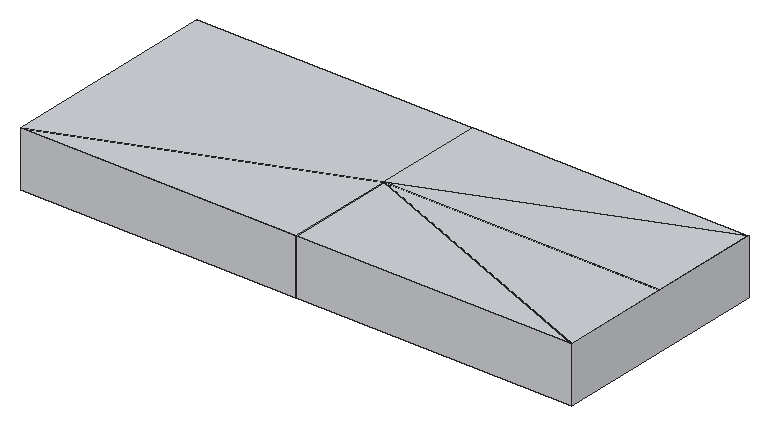
Revit family "電線管用ファミリ(片側のみ)_16", category Electrical Fixtures, Revit 2022
Family settings
  Round Connector Dimension = Use Diameter
  Part Type = Normal
  OmniClass Number = 23.80.00.00
  OmniClass Title = Electric Power and Lighting
  Work Plane-Based = No
  Always vertical = Yes
  Cut with Voids When Loaded = No
  Maintain Annotation Orientation = No
  Shared = No
  Room Calculation Point = No
Parameters
  コネクタ直径 [instance] = 16 mm
  W [instance] = 500 mm
  Default Elevation = 0 mm
  D [instance] = 200 mm
Reference planes
  plane 1 "Center (Front/Back)": y = 0
  plane 2: z = 0
  plane 3 "Center (Left/Right)": x = 0
  plane 4: x = -250
  plane 5: x = 250
  plane 6: y = 100
  plane 7: y = -100
  plane 8: z = 50
Forms (mm)
  Extrusion 1, solid
    sketch origin (0, 0, 0) x (1, 0, 0) y (0, 1, 0)
      loop
        line (-250, 100) -> (-250, -100) -> (250, -100) -> (250, 100) -> (-250, 100)
    from 0 to 50
  Extrusion 2, solid
    sketch origin (0, 0, 0) x (1, 0, 0) y (0, 1, 0)
      loop
        line (-250, 100) -> (-250, -100) -> (0, 0) -> (-250, 100)
    from 0 to 50
  Extrusion 3, solid
    sketch origin (0, 0, 0) x (1, 0, 0) y (0, 1, 0)
      loop
        line (250, 100) -> (0, 0) -> (250, -100) -> (250, 100)
    from 0 to 50
  Extrusion 4, solid
    sketch origin (0, 0, 0) x (1, 0, 0) y (0, 1, 0)
      loop
        line (-250, 0) -> (-250, -100) -> (0, -100) -> (0, 0) -> (-250, 0)
    from 0 to 50
  Extrusion 5, solid
    sketch origin (0, 0, 0) x (1, 0, 0) y (0, 1, 0)
      loop
        line (0, 100) -> (0, 0) -> (250, 0) -> (250, 100) -> (0, 100)
    from 0 to 50
Dimensions and locks
  equal spacing: plane 4, plane 3 "Center (Left/Right)", plane 5
  "W": plane 4 to plane 5
  equal spacing: plane 6, plane 1 "Center (Front/Back)", plane 7
  "D": plane 6 to plane 7
  plane 3 "Center (Left/Right)" to Extrusion 2 = 250 mm
  aligned and locked: level to plane 2
  aligned and locked: plane 8 to Extrusion 1
  aligned and locked: Extrusion 1 to plane 4
  aligned and locked: plane 6 to Extrusion 1
  aligned and locked: plane 5 to Extrusion 1
  aligned and locked: Extrusion 1 to plane 7
  aligned and locked: plane 8 to Extrusion 2
  aligned and locked: Extrusion 2 to plane 4
  aligned and locked: plane 8 to Extrusion 3
  aligned and locked: plane 5 to Extrusion 3
  aligned and locked: plane 1 "Center (Front/Back)" to Extrusion 4 sketch curve
  aligned and locked: Extrusion 4 sketch curve to Extrusion 1  (x2)
  aligned and locked: Extrusion 5 sketch curve to Extrusion 1  (x2)
  aligned and locked: plane 3 "Center (Left/Right)" to Extrusion 5 sketch curve
  aligned and locked: Extrusion 5 sketch curve to plane 1 "Center (Front/Back)"
Automatic sketch dimensions
  Extrusion 1 sketch curve to plane 4 = 0 mm
  Extrusion 1 sketch curve to plane 5 = 0 mm
  Extrusion 1 sketch curve to plane 7 = 0 mm
  plane 6 to Extrusion 1 sketch curve = 0 mm
  Extrusion 2 sketch curve to plane 4 = 0 mm
  plane 1 "Center (Front/Back)" to Extrusion 2 sketch curve = 0 mm
  Extrusion 2 sketch curve to plane 3 "Center (Left/Right)" = 0 mm
  Extrusion 2 sketch curve to plane 7 = 0 mm
  Extrusion 2 sketch curve to plane 6 = 0 mm
  plane 1 "Center (Front/Back)" to Extrusion 3 sketch curve = 0 mm
  Extrusion 3 sketch curve to plane 3 "Center (Left/Right)" = 0 mm
  Extrusion 3 sketch curve to plane 5 = 0 mm
  Extrusion 3 sketch curve to plane 7 = 0 mm
  Extrusion 3 sketch curve to plane 6 = 0 mm
  Extrusion 4 sketch curve to plane 3 "Center (Left/Right)" = 0 mm
  Extrusion 4 sketch curve to plane 7 = 0 mm
Connectors
  cabletrayconduit at (0, 0, 50), diameter 16
    settings: on Extrusion 1, index 1, connector width 300 mm, connector height 300 mm, connector angle 0.00°, system type 32, placement type 0, profile type 0, connector reference index -1, is primary connector yes, connector utility param no, connector description ""
